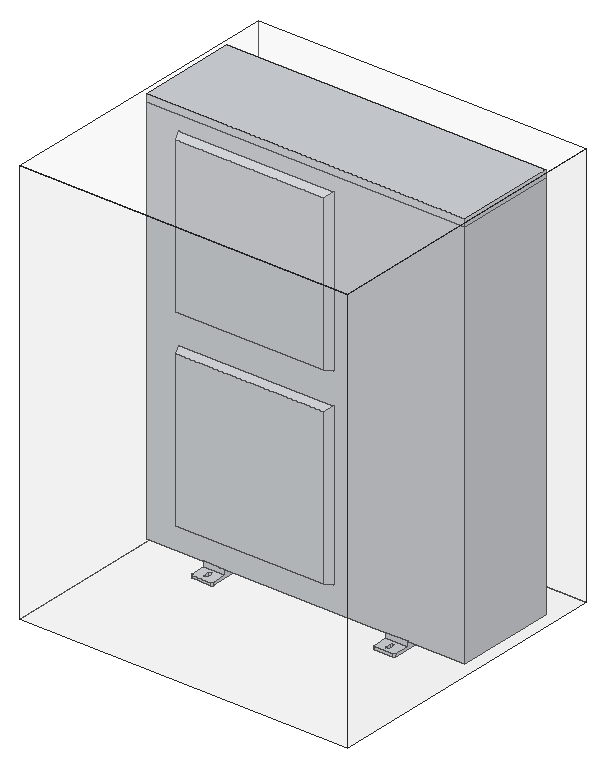
Revit family "puz-hrmp80_160ka6_50Hz", category 機械設備, Revit 2019
Family settings
  丸型コネクタ寸法 = 直径を使用
  パーツ タイプ = 標準
  OmniClass 番号 = 23.75.10.24.21.27.27
  OmniClass タイトル = Split System Air Conditioning Units
  作業面ベース = いいえ
  常に垂直 = はい
  ロード時にボイドで切り取り = いいえ
  共有 = いいえ
  部屋計算ポイント = いいえ
Parameters (values of type "PUZ-HRMP80KA6")
  音響パワーレベル（冷）(dB) = 66
  音響パワーレベル(dB) = 68
  電源種別 = ""
  電源位置Y = 2 mm
  電源位置Z = 1063 mm
  電源位置X = 325 mm
  電圧 = 200 V
  電動機出力_送風機 = 0.12 kW
  電動機出力_圧縮機 = 1.5 kW
  集中コントローラ [instance] = ""
  運転質量 = 0.00 kg
  運転方法 = "冷暖切替"
  質量 = if(製品質量 > 運転質量, 製品質量, 運転質量) * 1.2  # 135.60 kg
  負荷分類 = 1_熱源類
  説明 = "空冷H/P PAC インバータ室外機"
  設計暖房能力 [instance] = 0 kW
  設計冷房能力_顕熱 [instance] = 0 kW
  設計冷房能力 [instance] = 0 kW
  設置方法 = "床置形"
  記号 [instance] = ""
  製造元 = "三菱電機株式会社"
  製品質量 = 113.00 kg
  製品出荷対象 = "国内"
  製品リリース年月 = "2022/10/11"
  製品グループ = ""
  系統 [instance] = ""
  符号 = "PAC"
  積算_科目 = "1 空気調和設備"
  積算_拾い区分 [instance] = ""
  相 = 3
  盤記号 [instance] = ""
  発停方法 = "付属スイッチ"
  特殊仕様 [instance] = ""
  消費電力_暖房 = 1.92 kW
  消費電力_冷房 = 1.77 kW
  消費電力 = if(消費電力_冷房 > 消費電力_暖房, 消費電力_冷房, 消費電力_暖房)  # 1.92 kW
  法定耐用年数 = "6"
  構成品番 = "PUZ-HRMP80KA"
  極数 = 3
  材質 [instance] = ""
  本体マテリアル = none
  最小電線太さ_mm2 = 1.6
  最大電流値 = 0 A
  暖房能力 = 8 kW
  推奨ブレーカー容量 = 30 A
  据付ピッチ1 = 0 mm
  形式 = "パッケージ形 室外機"
  形名 = PUZ-ZRMP-3 : PUZ-ZRMP112KA11
  幹線記号 [instance] = ""
  始動方式 = "インバータ始動方式"
  呼称 = "パッケージ形空気調和機_室外機"
  周波数 = 50 Hz
  価格 = 665000
  ドレン　位置Z = 23 mm
  ドレン　位置Y = 176 mm
  ドレン　位置X = 45 mm
  アンカーボルト位置Y = 370 mm
  アンカーボルト位置X = 600 mm
  参照している仕様書等のバージョン = "公共建築物標準仕様書（機械設備工事編）平成31年度版"
  分類コード = "50053003126100"
  分類グループ = ""
  冷房能力 = 7.1 kW
  冷媒管（ガス）位置X = 483 mm
  冷媒管（液）位置X = 423 mm
  冷媒管（液）位置Y = 290 mm
  冷媒管（ガス）位置Y = 234 mm
  冷媒管長 [instance] = 0 mm
  冷媒管径符号 = "Bd"
  冷媒管径 = 100.00 mm
  冷媒管位置Z = 450 mm
  冷媒管位置Y = (冷媒管（液）位置Y + 冷媒管（ガス）位置Y) / 2  # 262 mm
  冷媒管位置X = (冷媒管（液）位置X + 冷媒管（ガス）位置X) / 2  # 453 mm
  冷媒液管径 = 9.52 mm
  冷媒ガス管径 = 15.88 mm
  企業コード = "108420"
  付属品 [instance] = ""
  仕様書バージョン = "Version1.0"
  ユニット数 = 1
  Model = ""
  ドレン管径 = 33.00 mm
  サービススペース = yes
  コメント [instance] = ""
  ケーブル種類1 = ""
  Width = 1050 mm
  Version = ""
  Uniclass2015Version = "Systems v1.9"
  Uniclass2015Title = "Split coil remote air cooled condensing units"
  Uniclass2015Code = "Pr_70_65_03_84"
  URL = "https://www.mitsubishielectric.co.jp/ldg/wink/ssl/displayProduct.do?pid=323602"
  SpecificationReference = ""
  SpecificationDescription = ""
  Revision = ""
  ProductInformation = ""
  OmniClassCode = "23-33 17 13 11"
  IfcTypeProduct = ""
  IfcProduct = ""
  IfcExportType = "AIRCONDITIONINGUNIT"
  IfcExportAs = "IfcUnitaryEquipmentType"
  Height = 1338 mm
  Depth = 330 mm
  Clearance Top = 0 mm
  Clearance Right = 15 mm
  Clearance Left = 15 mm
  Clearance Front = 500 mm
  Clearance Bottom = 0 mm
  Clearance Back = 150 mm
  COP = 0
  Author = "三菱電機株式会社"
  APF = 0
Reference planes
  plane 1 "中心(正面/背面)": y = 74
  plane 2: z = 0
  plane 3 "中心(左/右)": x = 830
  plane 4 "右": x = 1355
  plane 5 "左": x = 305
  plane 6 "背面": y = 239
  plane 7 "正面": y = -91
  plane 8 "上部": z = 1338
  plane 9 "Clearanse Top": z = 1338
  plane 10 "SS_back": y = 389
  plane 11 "SS_front": y = -591
  plane 12 "SS_left": x = 290
  plane 13 "SS_right": x = 1370
  plane 14: z = 0
  plane 15: y = -89
  plane 16: x = 1155
  plane 17: z = 1063
  plane 18: y = -87
  plane 19: y = -23
  plane 20: x = 1283
  plane 21: z = 450
  plane 22: z = 452
  plane 23: y = 63
  plane 24: x = 350
  plane 25: z = 25
  plane 26: z = 23
  plane 27: x = 530
  plane 28: x = 1130
  plane 29: y = 259
  plane 30: y = -111
Forms (mm)
  Extrusion 1, solid, detail levels fine
    sketch origin (0, -91, 0) x (1, 0, 0) y (0, 0, 1)
      loop
        circle (1155, 1063) r 13.5
    from -4 to -2
  Extrusion 2, solid, detail levels fine
    sketch origin (-1437.329, -1524, 54) x (-1, 0, 0) y (0, -1, 0)
      loop
        circle (-2720.329, -1501) r 50
    from 396 to 398
  Extrusion 3, solid, detail levels fine
    sketch origin (-1437.329, -1524, 54) x (-1, 0, 0) y (0, -1, 0)
      loop
        circle (-1787.329, -1587) r 16.5
    from -31 to -29
Lines and regions (mm)
  model lines, not visible
    curve 1: line (460, 178.667, 1289.179) -> (460, 297.73, 1289.179)
    curve 2: line (460, 178.667, 1056.056) -> (460, 178.667, 1289.179)
    curve 3: line (460, 297.73, 1056.056) -> (460, 178.667, 1056.056)
    curve 4: line (460, 297.73, 1289.179) -> (460, 297.73, 1056.056)
    curve 5: line (460, 47.598, 1289.179) -> (460, 166.661, 1289.179)
    curve 6: line (460, 47.598, 1056.056) -> (460, 47.598, 1289.179)
    curve 7: line (460, 166.661, 1056.056) -> (460, 47.598, 1056.056)
    curve 8: line (460, 166.661, 1289.179) -> (460, 166.661, 1056.056)
    curve 9: line (460, -83.471, 1289.179) -> (460, 35.592, 1289.179)
    curve 10: line (460, -83.471, 1056.056) -> (460, -83.471, 1289.179)
    curve 11: line (460, 35.592, 1056.056) -> (460, -83.471, 1056.056)
    curve 12: line (460, 35.592, 1289.179) -> (460, 35.592, 1056.056)
    curve 13: line (460, -150.779, 1289.179) -> (460, -95.75, 1289.179)
    curve 14: line (460, -150.779, 1056.056) -> (460, -150.779, 1289.179)
    curve 15: line (460, -95.75, 1056.056) -> (460, -150.779, 1056.056)
    curve 16: line (460, -95.75, 1289.179) -> (460, -95.75, 1056.056)
    curve 17: line (460, -150.779, 1283.175) -> (460, -132.596, 1283.175)
    curve 18: line (460, -150.779, 1062.059) -> (460, -150.779, 1283.175)
    curve 19: line (460, -132.596, 1062.059) -> (460, -150.779, 1062.059)
    curve 20: line (460, -132.596, 1283.175) -> (460, -132.596, 1062.059)
    curve 21: line (460, 178.667, 1046.051) -> (460, 297.73, 1046.051)
    curve 22: line (460, 178.667, 812.928) -> (460, 178.667, 1046.051)
    curve 23: line (460, 297.73, 812.928) -> (460, 178.667, 812.928)
    curve 24: line (460, 297.73, 1046.051) -> (460, 297.73, 812.928)
    curve 25: line (460, 47.598, 1046.051) -> (460, 166.661, 1046.051)
    curve 26: line (460, 47.598, 812.928) -> (460, 47.598, 1046.051)
    curve 27: line (460, 166.661, 812.928) -> (460, 47.598, 812.928)
    curve 28: line (460, 166.661, 1046.051) -> (460, 166.661, 812.928)
    curve 29: line (460, -83.471, 1046.051) -> (460, 35.592, 1046.051)
    curve 30: line (460, -83.471, 812.928) -> (460, -83.471, 1046.051)
    curve 31: line (460, 35.592, 812.928) -> (460, -83.471, 812.928)
    curve 32: line (460, 35.592, 1046.051) -> (460, 35.592, 812.928)
    curve 33: line (460, -150.779, 1046.051) -> (460, -95.75, 1046.051)
    curve 34: line (460, -150.779, 812.928) -> (460, -150.779, 1046.051)
    curve 35: line (460, -95.75, 812.928) -> (460, -150.779, 812.928)
    curve 36: line (460, -95.75, 1046.051) -> (460, -95.75, 812.928)
    curve 37: line (460, -150.779, 1040.048) -> (460, -132.596, 1040.048)
    curve 38: line (460, -150.779, 818.931) -> (460, -150.779, 1040.048)
    curve 39: line (460, -132.596, 818.931) -> (460, -150.779, 818.931)
    curve 40: line (460, -132.596, 1040.048) -> (460, -132.596, 818.931)
    curve 41: line (460, 178.667, 802.923) -> (460, 297.73, 802.923)
    curve 42: line (460, 178.667, 569.8) -> (460, 178.667, 802.923)
    curve 43: line (460, 297.73, 569.8) -> (460, 178.667, 569.8)
    curve 44: line (460, 297.73, 802.923) -> (460, 297.73, 569.8)
    curve 45: line (460, 47.598, 802.923) -> (460, 166.661, 802.923)
    curve 46: line (460, 47.598, 569.8) -> (460, 47.598, 802.923)
    curve 47: line (460, 166.661, 569.8) -> (460, 47.598, 569.8)
    curve 48: line (460, 166.661, 802.923) -> (460, 166.661, 569.8)
    curve 49: line (460, -83.471, 802.923) -> (460, 35.592, 802.923)
    curve 50: line (460, -83.471, 569.8) -> (460, -83.471, 802.923)
    curve 51: line (460, 35.592, 569.8) -> (460, -83.471, 569.8)
    curve 52: line (460, 35.592, 802.923) -> (460, 35.592, 569.8)
    curve 53: line (460, -150.779, 802.923) -> (460, -95.75, 802.923)
    curve 54: line (460, -150.779, 569.8) -> (460, -150.779, 802.923)
    curve 55: line (460, -95.75, 569.8) -> (460, -150.779, 569.8)
    curve 56: line (460, -95.75, 802.923) -> (460, -95.75, 569.8)
    curve 57: line (460, -150.779, 796.92) -> (460, -132.596, 796.92)
    curve 58: line (460, -150.779, 575.803) -> (460, -150.779, 796.92)
    curve 59: line (460, -132.596, 575.803) -> (460, -150.779, 575.803)
    curve 60: line (460, -132.596, 796.92) -> (460, -132.596, 575.803)
    curve 61: line (460, 178.667, 559.795) -> (460, 297.73, 559.795)
    curve 62: line (460, 178.667, 326.672) -> (460, 178.667, 559.795)
    curve 63: line (460, 297.73, 326.672) -> (460, 178.667, 326.672)
    curve 64: line (460, 297.73, 559.795) -> (460, 297.73, 326.672)
    curve 65: line (460, 47.598, 559.795) -> (460, 166.661, 559.795)
    curve 66: line (460, 47.598, 326.672) -> (460, 47.598, 559.795)
    curve 67: line (460, 166.661, 326.672) -> (460, 47.598, 326.672)
    curve 68: line (460, 166.661, 559.795) -> (460, 166.661, 326.672)
    curve 69: line (460, -83.471, 559.795) -> (460, 35.592, 559.795)
    curve 70: line (460, -83.471, 326.672) -> (460, -83.471, 559.795)
    curve 71: line (460, 35.592, 326.672) -> (460, -83.471, 326.672)
    curve 72: line (460, 35.592, 559.795) -> (460, 35.592, 326.672)
    curve 73: line (460, -150.779, 559.795) -> (460, -95.75, 559.795)
    curve 74: line (460, -150.779, 326.672) -> (460, -150.779, 559.795)
    curve 75: line (460, -95.75, 326.672) -> (460, -150.779, 326.672)
    curve 76: line (460, -95.75, 559.795) -> (460, -95.75, 326.672)
    curve 77: line (460, -150.779, 553.792) -> (460, -132.596, 553.792)
    curve 78: line (460, -150.779, 332.675) -> (460, -150.779, 553.792)
    curve 79: line (460, -132.596, 332.675) -> (460, -150.779, 332.675)
    curve 80: line (460, -132.596, 553.792) -> (460, -132.596, 332.675)
    curve 81: line (460, 178.667, 316.667) -> (460, 297.73, 316.667)
    curve 82: line (460, 178.667, 83.544) -> (460, 178.667, 316.667)
    curve 83: line (460, 297.73, 83.544) -> (460, 178.667, 83.544)
    curve 84: line (460, 297.73, 316.667) -> (460, 297.73, 83.544)
    curve 85: line (460, 47.598, 316.667) -> (460, 166.661, 316.667)
    curve 86: line (460, 47.598, 83.544) -> (460, 47.598, 316.667)
    curve 87: line (460, 166.661, 83.544) -> (460, 47.598, 83.544)
    curve 88: line (460, 166.661, 316.667) -> (460, 166.661, 83.544)
    curve 89: line (460, -83.471, 316.667) -> (460, 35.592, 316.667)
    curve 90: line (460, -83.471, 83.544) -> (460, -83.471, 316.667)
    curve 91: line (460, 35.592, 83.544) -> (460, -83.471, 83.544)
    curve 92: line (460, 35.592, 316.667) -> (460, 35.592, 83.544)
    curve 93: line (460, -150.779, 316.667) -> (460, -95.75, 316.667)
    curve 94: line (460, -150.779, 83.544) -> (460, -150.779, 316.667)
    curve 95: line (460, -95.75, 83.544) -> (460, -150.779, 83.544)
    curve 96: line (460, -95.75, 316.667) -> (460, -95.75, 83.544)
    curve 97: line (460, -150.779, 310.664) -> (460, -132.596, 310.664)
    curve 98: line (460, -150.779, 89.547) -> (460, -150.779, 310.664)
    curve 99: line (460, -132.596, 89.547) -> (460, -150.779, 89.547)
    curve 100: line (460, -132.596, 310.664) -> (460, -132.596, 89.547)
Dimensions and locks
  equal spacing: plane 7 "正面", plane 1 "中心(正面/背面)", plane 6 "背面"
  "Depth": plane 7 "正面" to plane 6 "背面"
  "Width": plane 5 "左" to plane 4 "右"
  equal spacing: plane 5 "左", plane 3 "中心(左/右)", plane 4 "右"
  "Clearance Left": plane 12 "SS_left" to plane 5 "左"
  "Clearance Right": plane 4 "右" to plane 13 "SS_right"
  "Clearance Back": plane 6 "背面" to plane 10 "SS_back"
  "Clearance Front": plane 11 "SS_front" to plane 7 "正面"
  "Height": plane 8 "上部" to level
  "Clearance Top": plane 9 "Clearanse Top" to plane 8 "上部"
  "Clearance Bottom": level to plane 14
  "電源位置X": plane 3 "中心(左/右)" to plane 16
  "電源位置Y": plane 7 "正面" to plane 15
  "電源位置Z": plane 17 to level
  locked: plane 15 to plane 18 at 2
  "冷媒管位置X": plane 3 "中心(左/右)" to plane 20
  "冷媒管位置Y": plane 19 to plane 6 "背面"
  "冷媒管位置Z": plane 21 to level
  locked: plane 22 to plane 21 at 2
  "ドレン　位置X": plane 5 "左" to plane 24
  "ドレン　位置Y": plane 23 to plane 6 "背面"
  locked: plane 25 to plane 26 at 2
  "ドレン　位置Z": plane 26 to level
  equal spacing: plane 30, plane 1 "中心(正面/背面)", plane 29
  "アンカーボルト位置Y": plane 30 to plane 29
  equal spacing: plane 27, plane 3 "中心(左/右)", plane 28
  "アンカーボルト位置X": plane 27 to plane 28
  radius of Extrusion 1 sketch curve = 13.5 mm
  "冷媒管径": diameter of Extrusion 2 sketch curve
  "ドレン管径": diameter of Extrusion 3 sketch curve
  aligned and locked: level to plane 2
  aligned and locked: plane 10 "SS_back" to nested 1  (x2)
  aligned and locked: plane 13 "SS_right" to nested 1
  aligned and locked: plane 12 "SS_left" to nested 1  (x2)
  aligned and locked: nested 1 to plane 13 "SS_right"
  aligned and locked: plane 11 "SS_front" to nested 1
  aligned and locked: plane 9 "Clearanse Top" to nested 1
  aligned and locked: plane 1 "中心(正面/背面)" to nested 2
  aligned and locked: plane 3 "中心(左/右)" to nested 2
  aligned and locked: plane 14 to nested 1
  aligned and locked: plane 17 to Extrusion 1 sketch curve
  aligned and locked: plane 16 to Extrusion 1 sketch curve
  aligned and locked: Extrusion 1 to plane 18
  aligned and locked: plane 15 to Extrusion 1
  aligned and locked: plane 19 to Extrusion 2 sketch curve
  aligned and locked: plane 20 to Extrusion 2 sketch curve
  aligned and locked: plane 22 to Extrusion 2
  aligned and locked: Extrusion 2 to plane 21
  aligned and locked: plane 24 to Extrusion 3 sketch curve
  aligned and locked: plane 23 to Extrusion 3 sketch curve
  aligned and locked: plane 25 to Extrusion 3
  aligned and locked: Extrusion 3 to plane 26
  aligned and locked: plane 27 to nested 3
  aligned and locked: plane 29 to nested 3
Nested families
  nested 1: "サービススペース" at (830, -101, 669), visible <- "サービススペース", type "サービススペース"
    with Width 1080 mm, Height 1338 mm, Depth 980 mm
  nested 2: "PUZ-ZRMP-3" at (830, 74, 0), type <- "形名", type "PUZ-ZRMP112KA11"
  nested 3: "固定点" at (530, -111, 0), type "固定点"
    with W 600 mm, D 370 mm
Connectors
  piping at (1283, -23, 450), diameter 100, driven by "冷媒管径", driven by "冷媒管径符号"
    settings: on Extrusion 2, index 1, connector inside diameter 609.60 mm, connector length 0 mm, flow factor 0, pipe flow 0.0 L/s, pressure drop 0.0 Pa, fitting loss kfactor 0, connector angle 0.00°, fixture units 0, engagement length 0 mm, angle of deflection 0.00°, flow configuration 1, flow direction 2, fitting loss method 4, system type 7, joint type 0, gender type 0, connector reference index -1, connector utility 0, adjustable connector no, is connector primary yes, connector description "Bd"
  electrical at (1155, -89, 1063), driven by "極数", driven by "負荷分類", driven by "電圧", driven by "消費電力"
    settings: on Extrusion 1, index 2, voltage 200 V, apparent load 1920 VA, apparent load phase1 0 VA, apparent load phase2 0 VA, apparent load phase3 0 VA, power factor 1, load classification "1_熱源類", number of poles 3, system type 30, power factor state 1, is connector primary yes, connector utility no, sub classification motor no, connector description ""
Definition of nested family "サービススペース"
  Parameters (values of type "サービススペース")
    Width [instance] = 500 mm
    Height [instance] = 500 mm
    Depth [instance] = 500 mm
  Reference planes
    plane 1 "中心(正面/背面)": y = 0
    plane 2: z = 0
    plane 3 "中心(左/右)": x = 0
    plane 4: y = -250
    plane 5: x = 250
    plane 6: y = 250
    plane 7: x = -250
    plane 8: z = 250
    plane 9: z = -250
  Forms (mm)
    Extrusion 1, solid
      sketch origin (-638.939, 0, 72.39) x (1, 0, 0) y (0, 1, 0)
        loop
          line (388.939, 250) -> (388.939, -250) -> (888.939, -250) -> (888.939, 250) -> (388.939, 250)
      from -322.39 to 177.61
  Lines and regions (mm)
    symbolic lines
      curve 1: line (-250, 0, 250) -> (250, 0, 250)
      curve 2: line (-250, 0, -250) -> (-250, 0, 250)
      curve 3: line (250, 0, -250) -> (-250, 0, -250)
      curve 4: line (250, 0, 250) -> (250, 0, -250)
      curve 5: line (0, -250, 250) -> (0, 250, 250)
      curve 6: line (0, -250, -250) -> (0, -250, 250)
      curve 7: line (0, 250, -250) -> (0, -250, -250)
      curve 8: line (0, 250, 250) -> (0, 250, -250)
      curve 9: line (-250, 250, 0) -> (250, 250, 0)
      curve 10: line (-250, -250, 0) -> (-250, 250, 0)
      curve 11: line (250, -250, 0) -> (-250, -250, 0)
      curve 12: line (250, 250, 0) -> (250, -250, 0)
  Dimensions and locks
    equal spacing: plane 7, plane 3 "中心(左/右)", plane 5
    equal spacing: plane 4, plane 1 "中心(正面/背面)", plane 6
    "Depth": plane 4 to plane 6
    "Width": plane 7 to plane 5
    equal spacing: plane 8, plane 2, plane 9
    "Height": plane 8 to plane 9
    aligned and locked: plane 9 to curve 3
    aligned and locked: plane 7 to curve 2
    aligned and locked: curve 4 to plane 5
    aligned and locked: plane 5 to Extrusion 1
    aligned and locked: Extrusion 1 to plane 7
    aligned and locked: Extrusion 1 to plane 9
    aligned and locked: plane 8 to Extrusion 1
    aligned and locked: plane 9 to curve 7
  Automatic sketch dimensions
    plane 4 to Extrusion 1 sketch curve = 0 mm
    Extrusion 1 sketch curve to plane 7 = 0 mm
    Extrusion 1 sketch curve to plane 5 = 0 mm
    plane 6 to Extrusion 1 sketch curve = 0 mm
    curve 2 to plane 8 = 0 mm
    plane 4 to curve 11 = 0 mm
    curve 11 to plane 7 = 0 mm
    curve 11 to plane 5 = 0 mm
    plane 6 to curve 10 = 0 mm
    curve 7 to plane 4 = 0 mm
    curve 7 to plane 6 = 0 mm
    curve 6 to plane 8 = 0 mm
Definition of nested family "PUZ-ZRMP-3"
  Parameters (values of type "PUZ-ZRMP112KA11")
    配線取出口サイズ = 27 mm
    配線取出口-Z = 1063 mm
    配線取出口-Y = 325 mm
    配線取出口-X = 325 mm
    液配管サイズ = 100 mm
    高さ = 1338 mm
    換気-W = 362 mm
    換気-H2 = 632 mm
    換気-H1 = 369 mm
    換気-D = 25 mm
    奥行き = 330 mm
    吊りボルト_H = 0 mm
    吊りボルト-φ = 12 mm
    冷媒配管サイズ = 9.52 mm
    冷媒液管径-Z = 450 mm
    冷媒液管径-Y = 290 mm
    冷媒液管径-X = 423 mm
    冷媒ガス管径-Z = 421 mm
    冷媒ガス管径-Y = 234 mm
    冷媒ガス管径-X = 483 mm
    吊りボルト-W = 600 mm
    マテリアル = none
    ドレン配管サイズ = 33 mm
    ドレン管径-Z = 0 mm
    ドレン管径-Y = 154 mm
    ドレン管径-X = 480 mm
    タイプ3 = yes
    タイプ2 = no
    タイプ1 = no
    ガス配管サイズ = 15.88 mm
    吊りボルト-D = 370 mm
    幅さ = 1050 mm
    a = 幅さ / 2  # 525 mm
  Reference planes
    plane 1 "中心(正面/背面)": y = 0
    plane 2: z = 0
    plane 3 "中心(左/右)": x = 0
    plane 4: z = 1338
    plane 5: x = -525
    plane 6: x = 525
    plane 7: y = 165
    plane 8: y = -165
    plane 9: x = 587
    plane 10: y = -105
    plane 11: y = 5
    plane 12: z = 1313
    plane 13: x = -545
    plane 14: x = -300
    plane 15: x = 300
    plane 16: y = 185
    plane 17: y = -185
    plane 18: x = 335
    plane 19: x = 265
    plane 20: x = -265
    plane 21: x = -335
    plane 22: y = 204
    plane 23: y = -218
    plane 24: z = 8.5
    plane 25: z = 25
    plane 26: z = 23
    plane 27: z = 1333
    plane 28: y = -40
    plane 29: y = 40
    plane 30: y = -30
    plane 31: y = 30
    plane 32: z = 1318
    plane 33: z = 55
    plane 34: z = 225
    plane 35: z = 570
    plane 36: x = 535
    plane 37: x = 556
    plane 38: y = -190
    plane 39: x = -163
    plane 40: z = 369
    plane 41: x = 91
    plane 42: x = -417
    plane 43: z = 633
    plane 44: z = 105
    plane 45: x = -407
    plane 46: x = 81
    plane 47: z = 623
    plane 48: z = 115
    plane 49: y = 115
    plane 50: y = -115
    plane 51: x = -480
    plane 52: y = -11
    plane 53: x = 483
    plane 54: x = 325
    plane 55: y = -160
    plane 56: y = -125
    plane 57: y = -69
    plane 58: x = 423
    plane 59: z = 421
    plane 60: z = 450
    plane 61: z = 1063
    plane 62: y = -110
    plane 63: z = 550
    plane 64: z = 550
    plane 65: x = 453
    plane 66: y = -97
    plane 67 "グループ": x = -525
    plane 68: z = 1338
    plane 69: z = 943
    plane 70: z = 1001
    plane 71: z = 1265
    plane 72: z = 737
    plane 73: z = 1255
    plane 74: z = 747
    plane 75: y = 125
    plane 76: x = -370
    plane 77: x = -210
    plane 78: x = -50
    plane 79: x = 110
  Forms (mm)
    Extrusion 1, solid, visible <- "タイプ3", detail levels fine
      sketch origin (-1437.329, -1524, 1338) x (-1, 0, 0) y (0, -1, 0)
        loop
          line (-1102.329, -1689) -> (-1102.329, -1359) -> (-1172.329, -1359) -> (-1172.329, -1689) -> (-1102.329, -1689)
        loop
          line (-1702.329, -1689) -> (-1702.329, -1359) -> (-1772.329, -1359) -> (-1772.329, -1689) -> (-1702.329, -1689)
      from -1338 to -1313
    Extrusion 2, solid, material <- "マテリアル", visible <- "タイプ3", detail levels fine
      sketch origin (-1437.329, -1524, 1338) x (-1, 0, 0) y (0, -1, 0)
        loop
          line (-1962.329, -1689) -> (-912.329, -1689) -> (-912.329, -1359) -> (-1962.329, -1359) -> (-1962.329, -1689)
      from -1313 to -25
    Extrusion 3, solid, material <- "マテリアル", visible <- "タイプ3", detail levels fine
      sketch origin (-1437.329, -1524, 1338) x (-1, 0, 0) y (0, -1, 0)
        loop
          line (-912.329, -1689) -> (-912.329, -1359) -> (-1962.329, -1359) -> (-1962.329, -1689) -> (-912.329, -1689)
      from -25 to 0
    Blend 4, solid, material <- "マテリアル", visible <- "タイプ3", detail levels fine
      base sketch origin (0, 0, 0) x (1, 0, 0) y (0, 0, 1)
        loop
          line (-417, 633) -> (-417, 105) -> (91, 105) -> (91, 633) -> (-417, 633)
      top sketch origin (0, 0, 0) x (1, 0, 0) y (0, 0, 1)
        loop
          line (-407, 623) -> (-407, 115) -> (81, 115) -> (81, 623) -> (-407, 623)
      from 165 to 190
    Extrusion 5, solid, material <- "マテリアル", visible <- "タイプ3", detail levels fine
      sketch origin (-1437.329, -1524, 1338) x (-1, 0, 0) y (0, -1, 0)
        loop
          circle (-1920.329, -1455) r 7.94
      from -917 to -788
    Extrusion 6, solid, material <- "マテリアル", visible <- "タイプ3", detail levels fine
      sketch origin (-1437.329, -1524, 1338) x (-1, 0, 0) y (0, -1, 0)
        loop
          circle (-1860.329, -1399) r 4.76
      from -888 to -788
    Extrusion 7, solid, material <- "マテリアル", visible <- "タイプ3", detail levels fine
      sketch origin (1480.036, -190, 1200) x (1, 0, 0) y (0, 0, 1)
        loop
          circle (-1155.036, -137) r 13.5
      from -80 to -30
    Extrusion 8, solid, material <- "マテリアル", visible <- "タイプ3", detail levels fine
      sketch origin (-1437.329, -1524, 1338) x (-1, 0, 0) y (0, -1, 0)
        loop
          circle (-1890.329, -1427) r 50
      from -888 to -788
    Blend 9, solid, material <- "マテリアル", visible <- "タイプ3", detail levels fine
      base sketch origin (1480.036, -190, 1200) x (1, 0, 0) y (0, 0, 1)
        loop
          line (-1897.036, 65) -> (-1897.036, -463) -> (-1389.036, -463) -> (-1389.036, 65) -> (-1897.036, 65)
      top sketch origin (1480.036, -190, 1200) x (1, 0, 0) y (0, 0, 1)
        loop
          line (-1887.036, 55) -> (-1887.036, -453) -> (-1399.036, -453) -> (-1399.036, 55) -> (-1887.036, 55)
      from -25 to 0
    Extrusion 10, solid, visible <- "タイプ3", detail levels fine
      sketch origin (-1437.329, -1524, 1338) x (-1, 0, 0) y (0, -1, 0)
        loop
          line (-1102.329, -1728) -> (-1102.329, -1689) -> (-1172.329, -1689) -> (-1172.329, -1728) -> (-1143.329, -1728) -> (-1143.329, -1709)
          arc (-1143.329, -1709) -> (-1137.329, -1703) -> (-1131.329, -1709) r 6
          line (-1131.329, -1709) -> (-1131.329, -1728) -> (-1102.329, -1728)
        loop
          line (-1102.329, -1359) -> (-1102.329, -1311)
          arc (-1102.329, -1311) -> (-1103.794, -1307.464) -> (-1107.329, -1306) r 5
          line (-1107.329, -1306) -> (-1167.329, -1306)
          arc (-1167.329, -1306) -> (-1170.865, -1307.464) -> (-1172.329, -1311) r 5
          line (-1172.329, -1311) -> (-1172.329, -1359) -> (-1102.329, -1359)
        loop
          arc (-1143.329, -1339) -> (-1137.329, -1345) -> (-1131.329, -1339) r 6
          line (-1131.329, -1339) -> (-1131.329, -1324)
          arc (-1131.329, -1324) -> (-1137.329, -1318) -> (-1143.329, -1324) r 6
          line (-1143.329, -1324) -> (-1143.329, -1339)
        loop
          line (-1772.329, -1728) -> (-1743.329, -1728) -> (-1743.329, -1709)
          arc (-1743.329, -1709) -> (-1737.329, -1703) -> (-1731.329, -1709) r 6
          line (-1731.329, -1709) -> (-1731.329, -1728) -> (-1702.329, -1728) -> (-1702.329, -1689) -> (-1772.329, -1689) -> (-1772.329, -1728)
        loop
          line (-1772.329, -1359) -> (-1702.329, -1359) -> (-1702.329, -1311)
          arc (-1702.329, -1311) -> (-1703.794, -1307.464) -> (-1707.329, -1306) r 5
          line (-1707.329, -1306) -> (-1767.329, -1306)
          arc (-1767.329, -1306) -> (-1770.865, -1307.464) -> (-1772.329, -1311) r 5
          line (-1772.329, -1311) -> (-1772.329, -1359)
        loop
          line (-1731.329, -1339) -> (-1731.329, -1324)
          arc (-1731.329, -1324) -> (-1737.329, -1318) -> (-1743.329, -1324) r 6
          line (-1743.329, -1324) -> (-1743.329, -1339)
          arc (-1743.329, -1339) -> (-1737.329, -1345) -> (-1731.329, -1339) r 6
      from -1338 to -1329.5
    Extrusion 11, solid, material <- "マテリアル", visible <- "タイプ3", detail levels fine
      sketch origin (-1437.329, -1524, 1338) x (-1, 0, 0) y (0, -1, 0)
        loop
          circle (-957.329, -1513) r 16.5
        loop
          circle (-1067.329, -1649) r 16.5
        loop
          circle (-1227.329, -1649) r 16.5
        loop
          circle (-1387.329, -1649) r 16.5
        loop
          circle (-1547.329, -1649) r 16.5
      from -1315 to -1313
  Cuts and joins
    joined: Extrusion 1, Extrusion 10
  Lines and regions (mm)
    Masking region 1, visible <- "タイプ3", detail levels coarse+medium
      outline origin (-1437.329, -1524, 1338) x (-1, 0, 0) y (0, -1, 0)
        loop
          line (-1962.329, -1689) -> (-1772.329, -1689) -> (-1772.329, -1728) -> (-1702.329, -1728) -> (-1702.329, -1689) -> (-1172.329, -1689) -> (-1172.329, -1728) -> (-1102.329, -1728) -> (-1102.329, -1689) -> (-912.329, -1689) -> (-912.329, -1359) -> (-1020.329, -1359) -> (-1030.329, -1334) -> (-1102.329, -1334) -> (-1102.329, -1306) -> (-1172.329, -1306) -> (-1172.329, -1334) -> (-1518.329, -1334) -> (-1528.329, -1359) -> (-1702.329, -1359) -> (-1702.329, -1306) -> (-1772.329, -1306) -> (-1772.329, -1359) -> (-1962.329, -1359) -> (-1962.329, -1689)
    model lines, visible <- "タイプ3", detail levels fine
      curve 1: line (447, 115, 1338) -> (-445, 115, 1338)
      curve 2: line (-445, -115, 1338) -> (447, -115, 1338)
      curve 3: line (-445, -45, 1338) -> (447, -45, 1338)
      curve 4: line (447, 45, 1338) -> (-445, 45, 1338)
      curve 5: line (-445, -35, 1338) -> (447, -35, 1338)
      curve 6: line (447, 35, 1338) -> (-445, 35, 1338)
      curve 7: line (-445, 115, 1338) -> (-445, 45, 1338)
      curve 8: line (447, -115, 1338) -> (447, -45, 1338)
      curve 9: line (-445, 35, 1338) -> (-445, -35, 1338)
      curve 10: line (-445, -45, 1338) -> (-445, -115, 1338)
      curve 11: line (447, -35, 1338) -> (447, 35, 1338)
      curve 12: line (447, 45, 1338) -> (447, 115, 1338)
      curve 13: line (479, -115, 1338) -> (479, 115, 1338)
      curve 14: line (462, -115, 1338) -> (462, 115, 1338)
      curve 15: line (-475, 115, 1338) -> (-475, -115, 1338)
      curve 16: line (-460, 115, 1338) -> (-460, -115, 1338)
      curve 17: line (-460, 115, 1338) -> (-475, 115, 1338)
      curve 18: line (-460, -115, 1338) -> (-475, -115, 1338)
      curve 19: line (462, 115, 1338) -> (479, 115, 1338)
      curve 20: line (462, -115, 1338) -> (479, -115, 1338)
      curve 21: line (-407, -190, 416.5) -> (81, -190, 416.5)
      curve 22: line (81, -190, 321.5) -> (-407, -190, 321.5)
      curve 23: line (-407, -190, 511.5) -> (81, -190, 511.5)
      curve 24: line (-407, -190, 606.5) -> (81, -190, 606.5)
      curve 25: line (81, -190, 226.5) -> (-407, -190, 226.5)
      curve 26: line (81, -190, 131.5) -> (-407, -190, 131.5)
      curve 27: line (-389.571, -190, 623) -> (-389.571, -190, 115)
      curve 28: line (63.571, -190, 115) -> (63.571, -190, 623)
      curve 29: line (-372.143, -190, 623) -> (-372.143, -190, 115)
      curve 30: line (-354.714, -190, 623) -> (-354.714, -190, 115)
      curve 31: line (-337.286, -190, 623) -> (-337.286, -190, 115)
      curve 32: line (-319.857, -190, 623) -> (-319.857, -190, 115)
      curve 33: line (-302.429, -190, 623) -> (-302.429, -190, 115)
      curve 34: line (-285, -190, 623) -> (-285, -190, 115)
      curve 35: line (-267.571, -190, 623) -> (-267.571, -190, 115)
      curve 36: line (-250.143, -190, 623) -> (-250.143, -190, 115)
      curve 37: line (-232.714, -190, 623) -> (-232.714, -190, 115)
      curve 38: line (-215.286, -190, 623) -> (-215.286, -190, 115)
      curve 39: line (-197.857, -190, 623) -> (-197.857, -190, 115)
      curve 40: line (-180.429, -190, 623) -> (-180.429, -190, 115)
      curve 41: line (-163, -190, 623) -> (-163, -190, 115)
      curve 42: line (-145.571, -190, 623) -> (-145.571, -190, 115)
      curve 43: line (-128.143, -190, 623) -> (-128.143, -190, 115)
      curve 44: line (-110.714, -190, 623) -> (-110.714, -190, 115)
      curve 45: line (-93.286, -190, 623) -> (-93.286, -190, 115)
      curve 46: line (-75.857, -190, 623) -> (-75.857, -190, 115)
      curve 47: line (-58.429, -190, 623) -> (-58.429, -190, 115)
      curve 48: line (-41, -190, 623) -> (-41, -190, 115)
      curve 49: line (-23.571, -190, 623) -> (-23.571, -190, 115)
      curve 50: line (-6.143, -190, 623) -> (-6.143, -190, 115)
      curve 51: line (11.286, -190, 623) -> (11.286, -190, 115)
      curve 52: line (28.714, -190, 623) -> (28.714, -190, 115)
      curve 53: line (46.143, -190, 623) -> (46.143, -190, 115)
      curve 54: line (-525, -100, 87) -> (-525, -60, 87)
      curve 55: line (-525, -100, 277) -> (-525, -100, 87)
      curve 56: line (-525, -60, 277) -> (-525, -100, 277)
      curve 57: line (-525, -60, 87) -> (-525, -60, 277)
      curve 58: line (-525, -100, 292) -> (-525, -60, 292)
      curve 59: line (-525, -100, 482) -> (-525, -100, 292)
      curve 60: line (-525, -60, 482) -> (-525, -100, 482)
      curve 61: line (-525, -60, 292) -> (-525, -60, 482)
      curve 62: line (-525, -100, 497) -> (-525, -60, 497)
      curve 63: line (-525, -100, 687) -> (-525, -100, 497)
      curve 64: line (-525, -60, 687) -> (-525, -100, 687)
      curve 65: line (-525, -60, 497) -> (-525, -60, 687)
      curve 66: line (-525, -100, 702) -> (-525, -60, 702)
      curve 67: line (-525, -100, 892) -> (-525, -100, 702)
      curve 68: line (-525, -60, 892) -> (-525, -100, 892)
      curve 69: line (-525, -60, 702) -> (-525, -60, 892)
      curve 70: line (-525, 60, 87) -> (-525, 100, 87)
      curve 71: line (-525, 60, 277) -> (-525, 60, 87)
      curve 72: line (-525, 100, 277) -> (-525, 60, 277)
      curve 73: line (-525, 100, 87) -> (-525, 100, 277)
      curve 74: line (-525, -46.667, 87) -> (-525, -6.667, 87)
      curve 75: line (-525, -46.667, 277) -> (-525, -46.667, 87)
      curve 76: line (-525, -6.667, 277) -> (-525, -46.667, 277)
      curve 77: line (-525, -6.667, 87) -> (-525, -6.667, 277)
      curve 78: line (-525, 6.667, 87) -> (-525, 46.667, 87)
      curve 79: line (-525, 6.667, 277) -> (-525, 6.667, 87)
      curve 80: line (-525, 46.667, 277) -> (-525, 6.667, 277)
      curve 81: line (-525, 46.667, 87) -> (-525, 46.667, 277)
      curve 82: line (-525, 60, 292) -> (-525, 100, 292)
      curve 83: line (-525, 60, 482) -> (-525, 60, 292)
      curve 84: line (-525, 100, 482) -> (-525, 60, 482)
      curve 85: line (-525, 100, 292) -> (-525, 100, 482)
      curve 86: line (-525, 60, 702) -> (-525, 100, 702)
      curve 87: line (-525, 60, 892) -> (-525, 60, 702)
      curve 88: line (-525, 100, 892) -> (-525, 60, 892)
      curve 89: line (-525, 100, 702) -> (-525, 100, 892)
      curve 90: line (-525, -46.667, 292) -> (-525, -6.667, 292)
      curve 91: line (-525, -46.667, 482) -> (-525, -46.667, 292)
      curve 92: line (-525, -6.667, 482) -> (-525, -46.667, 482)
      curve 93: line (-525, -6.667, 292) -> (-525, -6.667, 482)
      curve 94: line (-525, -46.667, 497) -> (-525, -6.667, 497)
      curve 95: line (-525, -46.667, 687) -> (-525, -46.667, 497)
      curve 96: line (-525, -6.667, 687) -> (-525, -46.667, 687)
      curve 97: line (-525, -6.667, 497) -> (-525, -6.667, 687)
      curve 98: line (-525, -46.667, 702) -> (-525, -6.667, 702)
      curve 99: line (-525, -46.667, 892) -> (-525, -46.667, 702)
      curve 100: line (-525, -6.667, 892) -> (-525, -46.667, 892)
      curve 101: line (-525, -6.667, 702) -> (-525, -6.667, 892)
      curve 102: line (-525, 6.667, 292) -> (-525, 46.667, 292)
      curve 103: line (-525, 6.667, 482) -> (-525, 6.667, 292)
      curve 104: line (-525, 46.667, 482) -> (-525, 6.667, 482)
      curve 105: line (-525, 46.667, 292) -> (-525, 46.667, 482)
      curve 106: line (-525, 6.667, 497) -> (-525, 46.667, 497)
      curve 107: line (-525, 6.667, 687) -> (-525, 6.667, 497)
      curve 108: line (-525, 46.667, 687) -> (-525, 6.667, 687)
      curve 109: line (-525, 46.667, 497) -> (-525, 46.667, 687)
      curve 110: line (-525, 6.667, 702) -> (-525, 46.667, 702)
      curve 111: line (-525, 6.667, 892) -> (-525, 6.667, 702)
      curve 112: line (-525, 46.667, 892) -> (-525, 6.667, 892)
      curve 113: line (-525, 46.667, 702) -> (-525, 46.667, 892)
      curve 114: line (-525, -100, 907) -> (-525, -60, 907)
      curve 115: line (-525, -100, 1097) -> (-525, -100, 907)
      curve 116: line (-525, -60, 1097) -> (-525, -100, 1097)
      curve 117: line (-525, -60, 907) -> (-525, -60, 1097)
      curve 118: line (-525, 60, 907) -> (-525, 100, 907)
      curve 119: line (-525, 60, 1097) -> (-525, 60, 907)
      curve 120: line (-525, 100, 1097) -> (-525, 60, 1097)
      curve 121: line (-525, 100, 907) -> (-525, 100, 1097)
      curve 122: line (-525, -46.667, 907) -> (-525, -6.667, 907)
      curve 123: line (-525, -46.667, 1097) -> (-525, -46.667, 907)
      curve 124: line (-525, -6.667, 1097) -> (-525, -46.667, 1097)
      curve 125: line (-525, -6.667, 907) -> (-525, -6.667, 1097)
      curve 126: line (-525, 6.667, 907) -> (-525, 46.667, 907)
      curve 127: line (-525, 6.667, 1097) -> (-525, 6.667, 907)
      curve 128: line (-525, 46.667, 1097) -> (-525, 6.667, 1097)
      curve 129: line (-525, 46.667, 907) -> (-525, 46.667, 1097)
      curve 130: line (-525, -100, 1112) -> (-525, -60, 1112)
      curve 131: line (-525, -100, 1302) -> (-525, -100, 1112)
      curve 132: line (-525, -60, 1302) -> (-525, -100, 1302)
      curve 133: line (-525, -60, 1112) -> (-525, -60, 1302)
      curve 134: line (-525, 60, 1112) -> (-525, 100, 1112)
      curve 135: line (-525, 60, 1302) -> (-525, 60, 1112)
      curve 136: line (-525, 100, 1302) -> (-525, 60, 1302)
      curve 137: line (-525, 100, 1112) -> (-525, 100, 1302)
      curve 138: line (-525, -46.667, 1112) -> (-525, -6.667, 1112)
      curve 139: line (-525, -46.667, 1302) -> (-525, -46.667, 1112)
      curve 140: line (-525, -6.667, 1302) -> (-525, -46.667, 1302)
      curve 141: line (-525, -6.667, 1112) -> (-525, -6.667, 1302)
      curve 142: line (-525, 6.667, 1112) -> (-525, 46.667, 1112)
      curve 143: line (-525, 6.667, 1302) -> (-525, 6.667, 1112)
      curve 144: line (-525, 46.667, 1302) -> (-525, 6.667, 1302)
      curve 145: line (-525, 46.667, 1112) -> (-525, 46.667, 1302)
      curve 303: line (81, -190, 1238.5) -> (-407, -190, 1238.5)
      curve 304: line (-407, -190, 763.5) -> (81, -190, 763.5)
      curve 305: line (-389.571, -190, 1255) -> (-389.571, -190, 747)
      curve 306: line (81, -190, 858.5) -> (-407, -190, 858.5)
      curve 307: line (81, -190, 1143.5) -> (-407, -190, 1143.5)
      curve 308: line (81, -190, 1048.5) -> (-407, -190, 1048.5)
      curve 309: line (-407, -190, 953.5) -> (81, -190, 953.5)
      curve 310: line (-372.143, -190, 1255) -> (-372.143, -190, 747)
      curve 311: line (-354.714, -190, 1255) -> (-354.714, -190, 747)
      curve 312: line (-337.286, -190, 1255) -> (-337.286, -190, 747)
      curve 313: line (-319.857, -190, 1255) -> (-319.857, -190, 747)
      curve 314: line (-302.429, -190, 1255) -> (-302.429, -190, 747)
      curve 315: line (-285, -190, 1255) -> (-285, -190, 747)
      curve 316: line (-267.571, -190, 1255) -> (-267.571, -190, 747)
      curve 317: line (-250.143, -190, 1255) -> (-250.143, -190, 747)
      curve 318: line (-232.714, -190, 1255) -> (-232.714, -190, 747)
      curve 319: line (-215.286, -190, 1255) -> (-215.286, -190, 747)
      curve 320: line (-197.857, -190, 1255) -> (-197.857, -190, 747)
      curve 321: line (-180.429, -190, 1255) -> (-180.429, -190, 747)
      curve 322: line (-163, -190, 1255) -> (-163, -190, 747)
      curve 323: line (-145.571, -190, 1255) -> (-145.571, -190, 747)
      curve 324: line (-128.143, -190, 1255) -> (-128.143, -190, 747)
      curve 325: line (-110.714, -190, 1255) -> (-110.714, -190, 747)
      curve 326: line (-93.286, -190, 1255) -> (-93.286, -190, 747)
      curve 327: line (-75.857, -190, 1255) -> (-75.857, -190, 747)
      curve 328: line (-58.429, -190, 1255) -> (-58.429, -190, 747)
      curve 329: line (-41, -190, 1255) -> (-41, -190, 747)
      curve 330: line (-23.571, -190, 1255) -> (-23.571, -190, 747)
      curve 331: line (-6.143, -190, 1255) -> (-6.143, -190, 747)
      curve 332: line (11.286, -190, 1255) -> (11.286, -190, 747)
      curve 333: line (28.714, -190, 1255) -> (28.714, -190, 747)
      curve 334: line (46.143, -190, 1255) -> (46.143, -190, 747)
      curve 335: line (63.571, -190, 1255) -> (63.571, -190, 747)
    model lines, visible <- "タイプ3", not visible, detail levels fine
      curve 146: line (-525, -100, 907) -> (-525, -60, 907)
      curve 147: line (-525, -100, 1097) -> (-525, -100, 907)
      curve 148: line (-525, -60, 1097) -> (-525, -100, 1097)
      curve 149: line (-525, -60, 907) -> (-525, -60, 1097)
      curve 150: line (-525, 60, 907) -> (-525, 100, 907)
      curve 151: line (-525, 60, 1097) -> (-525, 60, 907)
      curve 152: line (-525, 100, 1097) -> (-525, 60, 1097)
      curve 153: line (-525, 100, 907) -> (-525, 100, 1097)
      curve 154: line (-525, -46.667, 907) -> (-525, -6.667, 907)
      curve 155: line (-525, -46.667, 1097) -> (-525, -46.667, 907)
      curve 156: line (-525, -6.667, 1097) -> (-525, -46.667, 1097)
      curve 157: line (-525, -6.667, 907) -> (-525, -6.667, 1097)
      curve 158: line (-525, 6.667, 907) -> (-525, 46.667, 907)
      curve 159: line (-525, 6.667, 1097) -> (-525, 6.667, 907)
      curve 160: line (-525, 46.667, 1097) -> (-525, 6.667, 1097)
      curve 161: line (-525, 46.667, 907) -> (-525, 46.667, 1097)
      curve 162: line (-525, -100, 1112) -> (-525, -60, 1112)
      curve 163: line (-525, -100, 1302) -> (-525, -100, 1112)
      curve 164: line (-525, -60, 1302) -> (-525, -100, 1302)
      curve 165: line (-525, -60, 1112) -> (-525, -60, 1302)
      curve 166: line (-525, 60, 1112) -> (-525, 100, 1112)
      curve 167: line (-525, 60, 1302) -> (-525, 60, 1112)
      curve 168: line (-525, 100, 1302) -> (-525, 60, 1302)
      curve 169: line (-525, 100, 1112) -> (-525, 100, 1302)
      curve 170: line (-525, -46.667, 1112) -> (-525, -6.667, 1112)
      curve 171: line (-525, -46.667, 1302) -> (-525, -46.667, 1112)
      curve 172: line (-525, -6.667, 1302) -> (-525, -46.667, 1302)
      curve 173: line (-525, -6.667, 1112) -> (-525, -6.667, 1302)
      curve 174: line (-525, 6.667, 1112) -> (-525, 46.667, 1112)
      curve 175: line (-525, 6.667, 1302) -> (-525, 6.667, 1112)
      curve 176: line (-525, 46.667, 1302) -> (-525, 6.667, 1302)
      curve 177: line (-525, 46.667, 1112) -> (-525, 46.667, 1302)
      curve 194: line (-525, -100, 87) -> (-525, -60, 87)
      curve 195: line (-525, -100, 277) -> (-525, -100, 87)
      curve 196: line (-525, -60, 277) -> (-525, -100, 277)
      curve 197: line (-525, -60, 87) -> (-525, -60, 277)
      curve 198: line (-525, -100, 292) -> (-525, -60, 292)
      curve 199: line (-525, -100, 482) -> (-525, -100, 292)
      curve 200: line (-525, -60, 482) -> (-525, -100, 482)
      curve 201: line (-525, -60, 292) -> (-525, -60, 482)
      curve 202: line (-525, -100, 497) -> (-525, -60, 497)
      curve 203: line (-525, -100, 687) -> (-525, -100, 497)
      curve 204: line (-525, -60, 687) -> (-525, -100, 687)
      curve 205: line (-525, -60, 497) -> (-525, -60, 687)
      curve 206: line (-525, -100, 702) -> (-525, -60, 702)
      curve 207: line (-525, -100, 892) -> (-525, -100, 702)
      curve 208: line (-525, -60, 892) -> (-525, -100, 892)
      curve 209: line (-525, -60, 702) -> (-525, -60, 892)
      curve 210: line (-525, 60, 87) -> (-525, 100, 87)
      curve 211: line (-525, 60, 277) -> (-525, 60, 87)
      curve 212: line (-525, 100, 277) -> (-525, 60, 277)
      curve 213: line (-525, 100, 87) -> (-525, 100, 277)
      curve 214: line (-525, -46.667, 87) -> (-525, -6.667, 87)
      curve 215: line (-525, -46.667, 277) -> (-525, -46.667, 87)
      curve 216: line (-525, -6.667, 277) -> (-525, -46.667, 277)
      curve 217: line (-525, -6.667, 87) -> (-525, -6.667, 277)
      curve 218: line (-525, 6.667, 87) -> (-525, 46.667, 87)
      curve 219: line (-525, 6.667, 277) -> (-525, 6.667, 87)
      curve 220: line (-525, 46.667, 277) -> (-525, 6.667, 277)
      curve 221: line (-525, 46.667, 87) -> (-525, 46.667, 277)
      curve 222: line (-525, 60, 292) -> (-525, 100, 292)
      curve 223: line (-525, 60, 482) -> (-525, 60, 292)
      curve 224: line (-525, 100, 482) -> (-525, 60, 482)
      curve 225: line (-525, 100, 292) -> (-525, 100, 482)
      curve 226: line (-525, 60, 702) -> (-525, 100, 702)
      curve 227: line (-525, 60, 892) -> (-525, 60, 702)
      curve 228: line (-525, 100, 892) -> (-525, 60, 892)
      curve 229: line (-525, 100, 702) -> (-525, 100, 892)
      curve 230: line (-525, -46.667, 292) -> (-525, -6.667, 292)
      curve 231: line (-525, -46.667, 482) -> (-525, -46.667, 292)
      curve 232: line (-525, -6.667, 482) -> (-525, -46.667, 482)
      curve 233: line (-525, -6.667, 292) -> (-525, -6.667, 482)
      curve 234: line (-525, -46.667, 497) -> (-525, -6.667, 497)
      curve 235: line (-525, -46.667, 687) -> (-525, -46.667, 497)
      curve 236: line (-525, -6.667, 687) -> (-525, -46.667, 687)
      curve 237: line (-525, -6.667, 497) -> (-525, -6.667, 687)
      curve 238: line (-525, -46.667, 702) -> (-525, -6.667, 702)
      curve 239: line (-525, -46.667, 892) -> (-525, -46.667, 702)
      curve 240: line (-525, -6.667, 892) -> (-525, -46.667, 892)
      curve 241: line (-525, -6.667, 702) -> (-525, -6.667, 892)
      curve 242: line (-525, 6.667, 292) -> (-525, 46.667, 292)
      curve 243: line (-525, 6.667, 482) -> (-525, 6.667, 292)
      curve 244: line (-525, 46.667, 482) -> (-525, 6.667, 482)
      curve 245: line (-525, 46.667, 292) -> (-525, 46.667, 482)
      curve 246: line (-525, 6.667, 497) -> (-525, 46.667, 497)
      curve 247: line (-525, 6.667, 687) -> (-525, 6.667, 497)
      curve 248: line (-525, 46.667, 687) -> (-525, 6.667, 687)
      curve 249: line (-525, 46.667, 497) -> (-525, 46.667, 687)
      curve 250: line (-525, 6.667, 702) -> (-525, 46.667, 702)
      curve 251: line (-525, 6.667, 892) -> (-525, 6.667, 702)
      curve 252: line (-525, 46.667, 892) -> (-525, 6.667, 892)
      curve 253: line (-525, 46.667, 702) -> (-525, 46.667, 892)
    model lines, visible <- "タイプ2", not visible
      curve 178: line (-600, -100, 33.5) -> (-600, -60, 33.5)
      curve 179: line (-600, -100, 73.5) -> (-600, -100, 33.5)
      curve 180: line (-600, -60, 73.5) -> (-600, -100, 73.5)
      curve 181: line (-600, -60, 33.5) -> (-600, -60, 73.5)
      curve 182: line (-600, 60, 33.5) -> (-600, 100, 33.5)
      curve 183: line (-600, 60, 73.5) -> (-600, 60, 33.5)
      curve 184: line (-600, 100, 73.5) -> (-600, 60, 73.5)
      curve 185: line (-600, 100, 33.5) -> (-600, 100, 73.5)
      curve 186: line (-509, -46.667, 33.5) -> (-509, -6.667, 33.5)
      curve 187: line (-509, -46.667, 73.5) -> (-509, -46.667, 33.5)
      curve 188: line (-509, -6.667, 73.5) -> (-509, -46.667, 73.5)
      curve 189: line (-509, -6.667, 33.5) -> (-509, -6.667, 73.5)
      curve 190: line (-509, 6.667, 33.5) -> (-509, 46.667, 33.5)
      curve 191: line (-509, 6.667, 73.5) -> (-509, 6.667, 33.5)
      curve 192: line (-509, 46.667, 73.5) -> (-509, 6.667, 73.5)
      curve 193: line (-509, 46.667, 33.5) -> (-509, 46.667, 73.5)
      curve 287: line (-404.5, -100, 33.5) -> (-404.5, -60, 33.5)
      curve 288: line (-404.5, -100, 73.5) -> (-404.5, -100, 33.5)
      curve 289: line (-404.5, -60, 73.5) -> (-404.5, -100, 73.5)
      curve 290: line (-404.5, -60, 33.5) -> (-404.5, -60, 73.5)
      curve 291: line (-404.5, 60, 33.5) -> (-404.5, 100, 33.5)
      curve 292: line (-404.5, 60, 73.5) -> (-404.5, 60, 33.5)
      curve 293: line (-404.5, 100, 73.5) -> (-404.5, 60, 73.5)
      curve 294: line (-404.5, 100, 33.5) -> (-404.5, 100, 73.5)
      curve 295: line (-404.5, -46.667, 33.5) -> (-404.5, -6.667, 33.5)
      curve 296: line (-404.5, -46.667, 73.5) -> (-404.5, -46.667, 33.5)
      curve 297: line (-404.5, -6.667, 73.5) -> (-404.5, -46.667, 73.5)
      curve 298: line (-404.5, -6.667, 33.5) -> (-404.5, -6.667, 73.5)
      curve 299: line (-404.5, 6.667, 33.5) -> (-404.5, 46.667, 33.5)
      curve 300: line (-404.5, 6.667, 73.5) -> (-404.5, 6.667, 33.5)
      curve 301: line (-404.5, 46.667, 73.5) -> (-404.5, 6.667, 73.5)
      curve 302: line (-404.5, 46.667, 33.5) -> (-404.5, 46.667, 73.5)
    model lines, not visible
      curve 254: line (-338.5, -173.2, 372.5) -> (149.5, -173.2, 372.5)
      curve 255: line (149.5, -173.2, 277.5) -> (-338.5, -173.2, 277.5)
      curve 256: line (-338.5, -173.2, 467.5) -> (149.5, -173.2, 467.5)
      curve 257: line (-338.5, -173.2, 562.5) -> (149.5, -173.2, 562.5)
      curve 258: line (149.5, -173.2, 182.5) -> (-338.5, -173.2, 182.5)
      curve 259: line (149.5, -173.2, 87.5) -> (-338.5, -173.2, 87.5)
      curve 260: line (-321.071, -173.2, 579) -> (-321.071, -173.2, 71)
      curve 261: line (132.071, -173.2, 71) -> (132.071, -173.2, 579)
      curve 262: line (-303.643, -173.2, 579) -> (-303.643, -173.2, 71)
      curve 263: line (-286.214, -173.2, 579) -> (-286.214, -173.2, 71)
      curve 264: line (-268.786, -173.2, 579) -> (-268.786, -173.2, 71)
      curve 265: line (-251.357, -173.2, 579) -> (-251.357, -173.2, 71)
      curve 266: line (-233.929, -173.2, 579) -> (-233.929, -173.2, 71)
      curve 267: line (-216.5, -173.2, 579) -> (-216.5, -173.2, 71)
      curve 268: line (-199.071, -173.2, 579) -> (-199.071, -173.2, 71)
      curve 269: line (-181.643, -173.2, 579) -> (-181.643, -173.2, 71)
      curve 270: line (-164.214, -173.2, 579) -> (-164.214, -173.2, 71)
      curve 271: line (-146.786, -173.2, 579) -> (-146.786, -173.2, 71)
      curve 272: line (-129.357, -173.2, 579) -> (-129.357, -173.2, 71)
      curve 273: line (-111.929, -173.2, 579) -> (-111.929, -173.2, 71)
      curve 274: line (-94.5, -173.2, 579) -> (-94.5, -173.2, 71)
      curve 275: line (-77.071, -173.2, 579) -> (-77.071, -173.2, 71)
      curve 276: line (-59.643, -173.2, 579) -> (-59.643, -173.2, 71)
      curve 277: line (-42.214, -173.2, 579) -> (-42.214, -173.2, 71)
      curve 278: line (-24.786, -173.2, 579) -> (-24.786, -173.2, 71)
      curve 279: line (-7.357, -173.2, 579) -> (-7.357, -173.2, 71)
      curve 280: line (10.071, -173.2, 579) -> (10.071, -173.2, 71)
      curve 281: line (27.5, -173.2, 579) -> (27.5, -173.2, 71)
      curve 282: line (44.929, -173.2, 579) -> (44.929, -173.2, 71)
      curve 283: line (62.357, -173.2, 579) -> (62.357, -173.2, 71)
      curve 284: line (79.786, -173.2, 579) -> (79.786, -173.2, 71)
      curve 285: line (97.214, -173.2, 579) -> (97.214, -173.2, 71)
      curve 286: line (114.643, -173.2, 579) -> (114.643, -173.2, 71)
    symbolic lines, visible <- "タイプ3"
      curve 336: line (-344.073, 165, 1338) -> (-525, 165, 1338)
      curve 337: line (-525, 165, 1338) -> (-525, -165, 1338)
      curve 338: line (-525, -165, 1338) -> (-323.037, -165, 1338)
      curve 339: line (-417, -165, 1338) -> (-407, -190, 1338)
      curve 340: line (-407, -190, 1338) -> (-357.105, -190, 1338)
      curve 341: line (-335, -190, 1338) -> (-335, -218, 1338)
      curve 342: line (-335, -218, 1338) -> (-265, -218, 1338)
      curve 343: line (-265, -218, 1338) -> (-265, -190, 1338)
      curve 344: line (-357.105, -190, 1338) -> (81, -190, 1338)
      curve 345: line (81, -190, 1338) -> (91, -165, 1338)
      curve 346: line (-323.037, -165, 1338) -> (300.043, -165, 1338)
      curve 347: line (265, -165, 1338) -> (265, -218, 1338)
      curve 348: line (265, -218, 1338) -> (335, -218, 1338)
      curve 349: line (335, -218, 1338) -> (335, -165, 1338)
      curve 350: line (300.043, -165, 1338) -> (525, -165, 1338)
      curve 351: line (525, -165, 1338) -> (525, 165, 1338)
      curve 352: line (525, 165, 1338) -> (363.157, 165, 1338)
      curve 353: line (335, 165, 1338) -> (335, 204, 1338)
      curve 354: line (335, 204, 1338) -> (265, 204, 1338)
      curve 355: line (265, 204, 1338) -> (265, 165, 1338)
      curve 356: line (363.157, 165, 1338) -> (-344.073, 165, 1338)
      curve 357: line (-265, 165, 1338) -> (-265, 204, 1338)
      curve 358: line (-265, 204, 1338) -> (-335, 204, 1338)
      curve 359: line (-335, 204, 1338) -> (-335, 165, 1338)
      curve 360: line (-475, 115, 1338) -> (-460, 115, 1338)
      curve 361: line (-475, -115, 1338) -> (-475, 115, 1338)
      curve 362: line (-460, -115, 1338) -> (-475, -115, 1338)
      curve 363: line (-460, 115, 1338) -> (-460, -115, 1338)
      curve 364: line (-445, 115, 1338) -> (447, 115, 1338)
      curve 365: line (-445, 45, 1338) -> (-445, 115, 1338)
      curve 366: line (447, 45, 1338) -> (-445, 45, 1338)
      curve 367: line (447, 115, 1338) -> (447, 45, 1338)
      curve 368: line (447, 35, 1338) -> (-445, 35, 1338)
      curve 369: line (447, -35, 1338) -> (447, 35, 1338)
      curve 370: line (-445, -35, 1338) -> (447, -35, 1338)
      curve 371: line (-445, 35, 1338) -> (-445, -35, 1338)
      curve 372: line (-445, -45, 1338) -> (447, -45, 1338)
      curve 373: line (-445, -115, 1338) -> (-445, -45, 1338)
      curve 374: line (447, -115, 1338) -> (-445, -115, 1338)
      curve 375: line (447, -45, 1338) -> (447, -115, 1338)
      curve 376: line (462, -115, 1338) -> (479, -115, 1338)
      curve 377: line (462, 115, 1338) -> (462, -115, 1338)
      curve 378: line (479, 115, 1338) -> (462, 115, 1338)
      curve 379: line (479, -115, 1338) -> (479, 115, 1338)
  Dimensions and locks
    equal spacing: plane 8, plane 1 "中心(正面/背面)", plane 7
    "奥行き": plane 8 to plane 7
    equal spacing: plane 5, plane 3 "中心(左/右)", plane 6
    "幅さ": plane 5 to plane 6
    "高さ": plane 4 to level
    locked: plane 6 to plane 9 at 62
    locked: plane 8 to plane 10 at 60
    locked: plane 8 to plane 11 at 170
    locked: plane 4 to plane 12 at 25
    locked: plane 13 to plane 5 at 20
    "吊りボルト-D": plane 17 to plane 16
    equal spacing: plane 17, plane 1 "中心(正面/背面)", plane 16
    equal spacing: plane 14, plane 3 "中心(左/右)", plane 15
    "吊りボルト-W": plane 14 to plane 15
    plane 21 to plane 14 to plane 20 = 35 mm locked, 35 mm locked
    plane 19 to plane 15 to plane 18 = 35 mm locked, 35 mm locked
    locked: plane 16 to plane 22 at 19
    locked: plane 23 to plane 17 at 33
    locked: plane 24 to level at 8.5
    plane 25 to level = 25 mm
    locked: plane 4 to plane 27 at 5
    plane 7 to plane 1 "中心(正面/背面)" to plane 8 = 165 mm, 165 mm
    plane 29 to plane 1 "中心(正面/背面)" to plane 28 = 40 mm, 40 mm
    plane 31 to plane 1 "中心(正面/背面)" to plane 30 = 30 mm, 30 mm
    locked: plane 32 to plane 12 at 5
    locked: plane 33 to level at 55
    locked: plane 34 to level at 225
    equal spacing: plane 6, plane 37, plane 9
    locked: plane 6 to plane 36 at 10
    "換気-D": plane 38 to plane 8
    "換気-W": plane 39 to plane 5
    "換気-H1": plane 40 to level
    plane 41 to plane 39 to plane 42 = 254 mm locked, 254 mm locked
    plane 43 to plane 40 to plane 44 = 264 mm locked, 264 mm locked
    locked: plane 41 to plane 46 at 10
    locked: plane 45 to plane 42 at 10
    locked: plane 43 to plane 47 at 10
    locked: plane 48 to plane 44 at 10
    locked: curve 26 to plane 48 at 16.5
    locked: plane 47 to curve 24 at 16.5
    equal spacing: curve 24, curve 23, curve 21, curve 22, curve 25, curve 26
    equal spacing: plane 46, curve 28, curve 53, curve 52, curve 51, curve 50, curve 49, curve 48, curve 47, curve 46, curve 45, curve 44, curve 43, curve 42, curve 41, curve 40, curve 39, curve 38, curve 37, curve 36, curve 35, curve 34, curve 33, curve 32, curve 31, curve 30, curve 29, curve 27, plane 45
    locked: curve 4 to curve 6 at 10
    locked: curve 3 to curve 5 at 10
    locked: plane 49 to plane 7 at 50
    locked: plane 8 to plane 50 at 50
    "ドレン管径-Y": plane 8 to plane 52
    "配線取出口-Y": plane 55 to plane 7
    "冷媒液管径-Y": plane 56 to plane 7
    "冷媒ガス管径-Y": plane 57 to plane 7
    "配線取出口-X": plane 3 "中心(左/右)" to plane 54
    "冷媒ガス管径-X": plane 3 "中心(左/右)" to plane 53
    "冷媒液管径-X": plane 3 "中心(左/右)" to plane 58
    "冷媒液管径-Z": plane 60 to level
    "冷媒ガス管径-Z": plane 59 to level
    "配線取出口-Z": plane 61 to level
    locked: plane 55 to plane 62 at 50
    plane 63 to plane 59 = 129 mm
    locked: plane 64 to plane 60 at 100
    equal spacing: plane 58, plane 65, plane 53
    equal spacing: plane 56, plane 66, plane 57
    "a": plane 67 "グループ" to plane 3 "中心(左/右)"
    plane 69 to level = 943 mm
    plane 68 to level = 1338 mm
    locked: plane 35 to level at 570
    curve 21 to plane 40 to curve 22 = 47.5 mm locked, 47.5 mm locked
    "換気-H2": plane 70 to plane 40
    plane 71 to plane 70 to plane 72 = 264 mm locked, 264 mm locked
    locked: plane 74 to plane 72 at 10
    locked: plane 71 to plane 73 at 10
    locked: plane 73 to curve 303 at 16.5
    locked: curve 304 to plane 74 at 16.5
    equal spacing: curve 303, curve 307, curve 308, curve 309, curve 306, curve 304
    equal spacing: plane 46, curve 335, curve 334, curve 333, curve 332, curve 331, curve 330, curve 329, curve 328, curve 327, curve 326, curve 325, curve 324, curve 323, curve 322, curve 321, curve 320, curve 319, curve 318, curve 317, curve 316, curve 315, curve 314, curve 313, curve 312, curve 311, curve 310, curve 305, plane 45
    locked: plane 25 to plane 26 at 2
    "ドレン管径-X": plane 51 to plane 3 "中心(左/右)"
    locked: plane 52 to plane 75 at 136
    plane 51 to plane 76 to plane 77 to plane 78 to plane 79 = 110 mm locked, 160 mm locked, 160 mm locked, 160 mm locked
    "ガス配管サイズ": diameter of Extrusion 5 sketch curve
    "冷媒配管サイズ": diameter of Extrusion 6 sketch curve
    "配線取出口サイズ": diameter of Extrusion 7 sketch curve
    "液配管サイズ": diameter of Extrusion 8 sketch curve
    "ドレン配管サイズ": diameter of Extrusion 11 sketch curve  (x5)
    aligned and locked: level to plane 2
    aligned and locked: Extrusion 1 to level
    aligned and locked: plane 25 to Extrusion 1
    aligned and locked: Extrusion 2 sketch curve to plane 7
    aligned and locked: Extrusion 2 sketch curve to plane 8
    aligned and locked: Extrusion 2 sketch curve to plane 5
    aligned and locked: Extrusion 2 sketch curve to plane 6
    aligned and locked: Extrusion 2 to plane 25
    aligned and locked: plane 12 to Extrusion 2
    aligned and locked: Extrusion 3 sketch curve to Extrusion 2  (x4)
    aligned and locked: Extrusion 3 to plane 12
    aligned and locked: plane 4 to Extrusion 3
    aligned and locked: Blend 4 sketch curve to plane 43
    aligned and locked: Blend 4 sketch curve to plane 44
    aligned and locked: Blend 4 sketch curve to plane 42
    aligned and locked: Blend 4 sketch curve to plane 41
    aligned and locked: Blend 4 sketch curve to plane 47
    aligned and locked: Blend 4 sketch curve to plane 45
    aligned and locked: Blend 4 sketch curve to plane 46
    aligned and locked: Blend 4 sketch curve to plane 48
    aligned and locked: Blend 4 to plane 8
    aligned and locked: plane 38 to Blend 4
    aligned and locked: curve 17 to plane 49
    aligned and locked: curve 1 to plane 49
    aligned and locked: plane 49 to curve 19
    aligned and locked: curve 18 to plane 50
    aligned and locked: plane 50 to curve 2
    aligned and locked: plane 50 to curve 20
    aligned and locked: plane 57 to Extrusion 5 sketch curve
